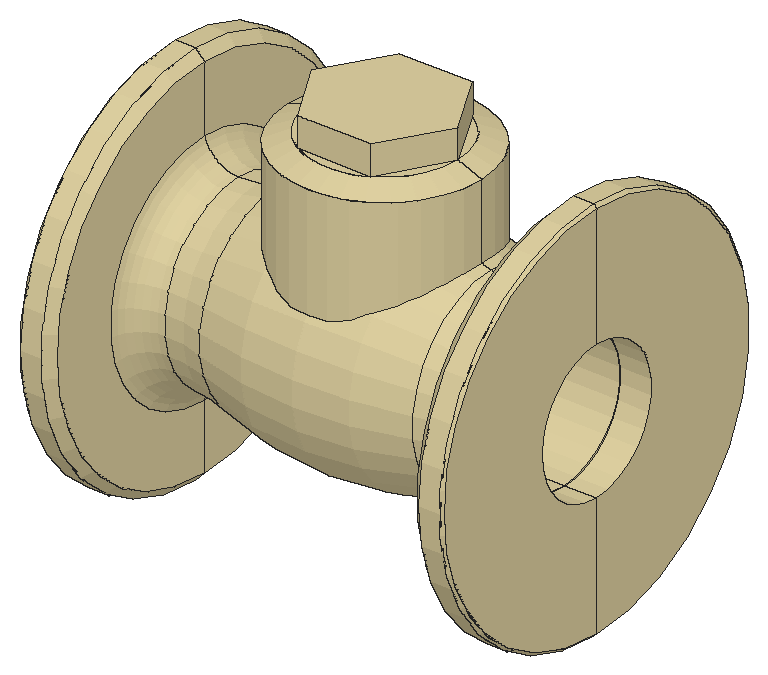
Revit family "DA04250000", category Apparecchi idraulici, Revit 2020
Family settings
  Quota connettore circolare = Usa diametro
  Tipo di parte = Normale
  Numero OmniClass = 23.45.00.00
  Titolo OmniClass = Sanitary, Laundry, and Cleaning Equipment
  Basato su piano di lavoro = No
  Sempre verticale = Sì
  Taglio con vuoti quando caricato = No
  Condiviso = No
  Punto di calcolo locali = No
Parameters
  URL = "https://web.cimberio.com/index.php/figura/687?subcategoria_id=35"
  Temperatura di esercizio = "-10 ÷ 170°C"
  Prospetto di default = 0 mm
  Produttore = "CIMBERIO SPA"
  Pressione nominale = "PN 16"
  Modello = "Cim 79PN10"
  Materiale = "Prodotto in lega di bronzo conforme alla norma EN 1982-CC491K"
  Descrizione = "Utilizzato nei più svariati settori dell'impiantistica in condutture anti-ritorno per: reti di distribuzione acqua potabile, impianti di riscaldamento, condizionamento, igienico-sanitari e distribuzione idrocarburi"
  DN Model [instance] = DA04253229 : DA04253229
  DN [instance] = 52 mm
  Commenti sul tipo = "Realizzato in ottemperanza ai requisiti gestionali della norma EN ISO 9001.\r\nCollaudato al 100% secondo la normativa EN 12266-1"
Reference planes
  plane 1 "Centro (Fronte/Retro)": y = 0
  plane 2: z = 0
  plane 3 "Centro (Sinistra/Destra)": x = 0
Dimensions and locks
  aligned and locked: level to plane 2
Nested families
  nested 1: "DA04253229" at (0, 0, 0), type <- "DN Model", type "DA04253229"
  nested 2: "DA04253229" at (0, 0, 0), type <- "DN Model", type "DA04253229"
  nested 3: "DA04253229" at (0, 0, 0), type <- "DN Model", type "DA04253229"
  nested 4: "DA04253229" at (0, 0, 0), type <- "DN Model", type "DA04253229"
  nested 5: "DA04253229" at (0, 0, 0), type <- "DN Model", type "DA04253229"
  nested 6: "DA04253229" at (0, 0, 0), type <- "DN Model", type "DA04253229"
  nested 7: "DA04253229" at (0, 0, 0), type <- "DN Model", type "DA04253229"
  nested 8: "DA04253229" at (0, 0, 0), type <- "DN Model", type "DA04253229"
  nested 9: "DA04253229" at (0, 0, 0), type <- "DN Model", type "DA04253229"
Connectors
  piping at (41.407, 0, 0), diameter 52, driven by "DN"
    settings: on nested 1, index 1, connector inside diameter 609.6 mm, connector length 0 mm, flow factor 0, pipe flow 0.0 L/s, pressure drop 0.0 Pa, fitting loss kfactor 0, connector angle 0.00°, fixture units 0, engagement length 0 mm, angle of deflection 0.00°, flow configuration 0, flow direction 0, fitting loss method 0, system type 7, joint type 0, gender type 0, connector reference index -1, connector utility 0, adjustable connector no, is connector primary yes, connector description ""
  piping at (-41.232, 0, 0), diameter 52, driven by "DN"
    settings: on nested 1, index 2, connector inside diameter 609.6 mm, connector length 0 mm, flow factor 0, pipe flow 0.0 L/s, pressure drop 0.0 Pa, fitting loss kfactor 0, connector angle 0.00°, fixture units 0, engagement length 0 mm, angle of deflection 0.00°, flow configuration 0, flow direction 0, fitting loss method 0, system type 7, joint type 0, gender type 0, connector reference index -1, connector utility 0, adjustable connector no, is connector primary no, connector description ""
Definition of nested family "DA04253229"
  Parameters (values of type "DA04313229")
    Default Elevation = 0 mm
  Reference planes
    plane 1 "Centro (Fronte/Retro)": y = 0
    plane 2: z = 0
    plane 3 "Centro (Sinistra/Destra)": x = 0
  Forms (mm)
    Revolve 1, solid
      sketch origin (0, 0, 0) x (1, 0, 0) y (0, 0, 1)
        loop
          arc (-65.198, -42.966) -> (-60.77, -36.147) -> (-53.082, -33.5) r 12.487
          arc (-53.082, -33.5) -> (-45.809, -34.079) -> (-38.719, -35.8) r 46
          arc (-38.719, -35.8) -> (0, -42) -> (38.719, -35.8) r 124
          arc (38.719, -35.8) -> (45.809, -34.079) -> (53.082, -33.5) r 46
          arc (53.082, -33.5) -> (60.74, -36.1) -> (65.23, -42.825) r 12.575
          line (65.23, -42.825) -> (65.23, -25) -> (-65.198, -25) -> (-65.198, -42.966)
        axis (-65.198, 0) -> (65.23, 0)
      angle from 0 to 360
    Revolve 2, solid
      sketch origin (0, 0, 59.205) x (1, 0, 0) y (0, 0, 1)
        loop
          line (-35, -46.572) -> (0, -46.572) -> (0, 7.795) -> (-26.5, 7.795) -> (-35, 4.346) -> (-35, -46.572)
        axis (0, 7.795) -> (0, -46.572)
      angle from 0 to 360
    Extrusion 3, solid
      sketch origin (0, 0, 17) x (0, -1, 0) y (1, 0, 0)
        loop
          line (0, 26.639) -> (-22.95, 13.389) -> (-22.95, -13.111) -> (0, -26.361) -> (22.95, -13.111) -> (22.95, 13.389) -> (0, 26.639)
      from 50 to 60.634
    Revolve 4, solid
      sketch origin (-14.95, 0, 5.568) x (1, 0, 0) y (0, 0, 1)
        loop
          line (-61.85, 19.5) -> (-50.248, 19.5) -> (-50.248, 61.248) -> (-53.5, 64.5) -> (-60.85, 64.5) -> (-61.85, 63.5) -> (-61.85, 19.5)
        axis (-61.85, -5.5) -> (-50.248, -5.5)
      angle from 0 to 360
    Revolve 5, solid
      sketch origin (14.95, 0, 5.5) x (-1, 0, 0) y (0, 0, 1)
        loop
          line (-61.85, 19.5) -> (-50.28, 19.5) -> (-50.28, 61.28) -> (-53.5, 64.5) -> (-60.85, 64.5) -> (-61.85, 63.5) -> (-61.85, 19.5)
        axis (-61.85, -5.5) -> (-50.28, -5.5)
      angle from 0 to 360
  Dimensions and locks
    aligned and locked: level to plane 2
